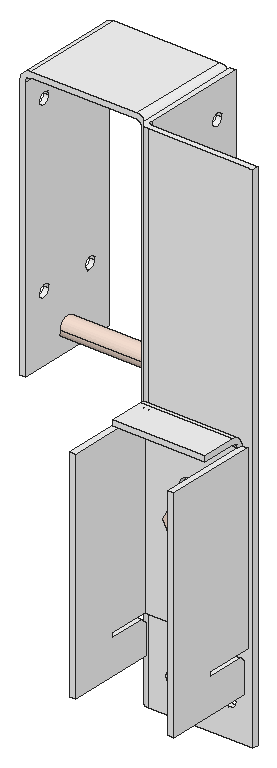
Revit family "kirii-angle-clamp-L100_c100_gyaku", category 機械設備, Revit 2022
Family settings
  丸型コネクタ寸法 = 直径を使用
  種別 = なし
  パーツ タイプ = 標準
  作業面ベース = いいえ
  常に垂直 = はい
  ロード時にボイドで切り取り = いいえ
  注釈の向きを維持 = いいえ
  共有 = いいえ
  部屋計算ポイント = いいえ
Parameters
  製造元 = "株式会社桐井製作所"
  既定の高さ = 0 mm
  URL = "https://www.kirii.co.jp/"
  K_板厚(mm) = 2.3 mm
  K_品名 = "KIRIIアングルクランプL100(C100用)逆"
  K_名称 = "支持構造部接合金具"
  K_バージョン情報 = "240619"
Reference planes
  plane 1 "中心(正面/背面)": y = 0
  plane 2: z = 0
  plane 3 "中心(左/右)": x = 0
Forms (mm)
  Extrusion 1, solid
    sketch origin (2.3, 0, 80) x (1, 0, 0) y (0, 1, 0)
      loop
        line (2.3, -5) -> (47.7, -5) -> (47.7, -2.7) -> (2.3, -2.7)
        arc (2.3, -2.7) -> (0.674, -2.026) -> (0, -0.4) r 2.3
        line (0, -0.4) -> (0, 45) -> (-2.3, 45) -> (-2.3, -0.4)
        arc (-2.3, -0.4) -> (-0.953, -3.653) -> (2.3, -5) r 4.6
    from 145 to -80
  Extrusion 2, solid
    sketch origin (0, 0, 80) x (1, 0, 0) y (0, 0, 1)
      loop
        circle (25, 0) r 5
      loop
        circle (25, 0) r 4.5
    from 2.7 to 0
  Extrusion 3, solid
    sketch origin (0, 0, 80) x (0, 1, 0) y (0, 0, 1)
      loop
        arc (-5, 36) -> (-6.347, 39.253) -> (-9.6, 40.6) r 4.6
        line (-9.6, 40.6) -> (-25, 40.6) -> (-25, 38.3) -> (-9.6, 38.3)
        arc (-9.6, 38.3) -> (-7.974, 37.626) -> (-7.3, 36) r 2.3
        line (-7.3, 36) -> (-7.3, -42) -> (-5, -42) -> (-5, 36)
    from 5 to 45
  Extrusion 4, solid
    sketch origin (0, 0, 80) x (1, 0, 0) y (0, 0, 1)
      loop
        line (2.3, 36) -> (2.3, -59) -> (5, -59) -> (5, 36) -> (2.3, 36)
      loop
        line (45, 36) -> (45, -59) -> (47.7, -59) -> (47.7, 36) -> (45, 36)
    from 5 to 45
  Extrusion 5, void
    sketch origin (0, 0, 80) x (0, 1, 0) y (0, 0, 1)
      loop
        line (-25.5, -42) -> (-25.5, -44) -> (-9, -44) -> (-7, -46) -> (-7, -59) -> (-5, -59) -> (-5, -42) -> (-25.5, -42)
    from 5 to 2.3
  Extrusion 6, void
    sketch origin (0, 0, 80) x (1, 0, 0) y (0, 0, 1)
      loop
        circle (25, 0) r 4.5
    from 5 to 2.7
  Extrusion 7, void
    sketch origin (0, 0, 80) x (1, 0, 0) y (0, 0, 1)
      loop
        arc (30.25, 12.25) -> (28.712, 15.962) -> (25, 17.5) r 5.25
        arc (25, 17.5) -> (21.288, 15.962) -> (19.75, 12.25) r 5.25
        line (19.75, 12.25) -> (19.75, -12.25)
        arc (19.75, -12.25) -> (21.288, -15.962) -> (25, -17.5) r 5.25
        arc (25, -17.5) -> (28.712, -15.962) -> (30.25, -12.25) r 5.25
        line (30.25, -12.25) -> (30.25, 12.25)
    from 7.3 to 5
  Extrusion 8, void
    sketch origin (0, 0, 80) x (1, 0, 0) y (0, 0, 1)
      loop
        circle (25, -32) r 2.25
    from 7.3 to 5
  Extrusion 9, void
    sketch origin (0, 0, 0) x (1, 0, 0) y (0, 0, 1)
      loop
        circle (15, 15.2) r 2.75
      loop
        circle (40, 15.2) r 2.75
    from 5 to 2.7
  Extrusion 10, void
    sketch origin (0, 0, 0) x (0, 1, 0) y (0, 0, 1)
      loop
        circle (35, 210.2) r 2.75
      loop
        circle (10, 210.2) r 2.75
      loop
        circle (35, 185.2) r 2.75
      loop
        circle (10, 185.2) r 2.75
      loop
        circle (35, 160.2) r 2.75
      loop
        circle (10, 160.2) r 2.75
      loop
        circle (35, 135.2) r 2.75
      loop
        circle (10, 135.2) r 2.75
      loop
        circle (35, 110.2) r 2.75
      loop
        circle (10, 110.2) r 2.75
      loop
        circle (35, 85.2) r 2.75
      loop
        circle (10, 85.2) r 2.75
      loop
        circle (35, 60.2) r 2.75
      loop
        circle (10, 60.2) r 2.75
      loop
        arc (27.75, 115.45) -> (22.5, 120.7) -> (17.25, 115.45) r 5.25
        line (17.25, 115.45) -> (17.25, 90.95)
        arc (17.25, 90.95) -> (22.5, 85.7) -> (27.75, 90.95) r 5.25
        line (27.75, 90.95) -> (27.75, 115.45)
      loop
        arc (27.75, 65.45) -> (22.5, 70.7) -> (17.25, 65.45) r 5.25
        line (17.25, 65.45) -> (17.25, 40.95)
        arc (17.25, 40.95) -> (22.5, 35.7) -> (27.75, 40.95) r 5.25
        line (27.75, 40.95) -> (27.75, 65.45)
    from 2.3 to 0
  Extrusion 11, solid
    sketch origin (-2.3, 0, 130.616) x (1, 0, 0) y (0, 0, 1)
      loop
        line (0, -24.3) -> (2.3, -24.3) -> (2.3, 90.4)
        arc (2.3, 90.4) -> (0.953, 93.653) -> (-2.3, 95) r 4.6
        line (-2.3, 95) -> (-48.2, 95)
        arc (-48.2, 95) -> (-51.453, 93.653) -> (-52.8, 90.4) r 4.6
        line (-52.8, 90.4) -> (-52.8, -24.3) -> (-50.5, -24.3) -> (-50.5, 90.4)
        arc (-50.5, 90.4) -> (-49.826, 92.026) -> (-48.2, 92.7) r 2.3
        line (-48.2, 92.7) -> (-2.3, 92.7)
        arc (-2.3, 92.7) -> (-0.674, 92.026) -> (0, 90.4) r 2.3
        line (0, 90.4) -> (0, -24.3)
    from 0 to -45
  Extrusion 12, void
    sketch origin (0, 0, 0) x (0, 1, 0) y (0, 0, 1)
      loop
        circle (35, 210.2) r 2.75
      loop
        circle (10, 210.2) r 2.75
      loop
        circle (35, 135.2) r 2.75
      loop
        circle (10, 135.2) r 2.75
    from 0 to -2.3
  Extrusion 13, void
    sketch origin (-52.8, 0, 0) x (0, 1, 0) y (0, 0, 1)
      loop
        circle (35, 210.2) r 2.75
      loop
        circle (10, 210.2) r 2.75
      loop
        circle (35, 135.2) r 2.75
      loop
        circle (10, 135.2) r 2.75
    from 0 to -2.3
  Extrusion 14, void
    sketch origin (42.7, 0, 80) x (0, 1, 0) y (0, 0, 1)
      loop
        line (-25.5, -42) -> (-25.5, -44) -> (-9, -44) -> (-7, -46) -> (-7, -59) -> (-5, -59) -> (-5, -42) -> (-25.5, -42)
    from 5 to 2.3
Cuts and joins
  Extrusion 6, Extrusion 7, Extrusion 9, Extrusion 10, Extrusion 14 cuts Extrusion 1
  Extrusion 7, Extrusion 10, Extrusion 14 cuts Extrusion 2
  Extrusion 7, Extrusion 8, Extrusion 14 cuts Extrusion 3
  Extrusion 5, Extrusion 14 cuts Extrusion 4
  Extrusion 12, Extrusion 13, Extrusion 14 cuts Extrusion 11
  joined: Extrusion 1, Extrusion 2, Extrusion 3, Extrusion 4, Extrusion 11
Dimensions and locks
  aligned and locked: level to plane 2
Nested families
  nested 1: "M10×25ボルト" at (25, -11.3, 80) x (-1, 0, 0) z (0, 0, 1), type "M10×25ボルト"
  nested 2: "M10×60ボルト" at (-59.1, 22.5, 116.316) x (0, -1, 0) z (0, 0, 1), type "M10×60ボルト"
Definition of nested family "M10×25ボルト"
  Parameters (values of type "M10×25ボルト")
    Manufacturer = "株式会社桐井製作所"
    Default Elevation = 0 mm
    URL = "https://www.kirii.co.jp/"
    K_材料規格 = "M10×L25"
    K_品名 = "M10×25ボルト"
    K_名称 = "M10×25ボルト"
    K_備考 = "KIRIIアングルクランプ付属品"
  Reference planes
    plane 1 "中心(正面/背面)": y = 0
    plane 2: z = 0
    plane 3 "中心(左/右)": x = 0
    plane 4: x = 8
    plane 5: x = -8
    plane 6 "正面": y = -4
    plane 7: z = 8
    plane 8: z = -8
  Forms (mm)
    Extrusion 1, solid
      sketch origin (0, 0, 0) x (1, 0, 0) y (0, 0, 1)
        loop
          line (-4.619, 8) -> (-9.238, 0) -> (-4.619, -8) -> (4.619, -8) -> (9.238, 0) -> (4.619, 8) -> (-4.619, 8)
      from 0 to 4
    Extrusion 2, solid
      sketch origin (0, 0, 25.676) x (1, 0, 0) y (0, 0, 1)
        loop
          circle (0, -25.676) r 4.1
      from 4 to 29
  Cuts and joins
    joined: Extrusion 1, Extrusion 2
  Lines and regions (mm)
    model lines
      curve 1: circle (0, 0, 0) r 8 normal (0, -1, 0)
  Dimensions and locks
    aligned and locked: level to plane 2
Definition of nested family "M10×60ボルト"
  Parameters (values of type "M10×60ボルト")
    Manufacturer = "株式会社桐井製作所"
    Default Elevation = 0 mm
    URL = "https://www.kirii.co.jp/"
    K_材料規格 = "M10×L60"
    K_品名 = "M10×60ボルト"
    K_名称 = "M10×60ボルト"
    K_備考 = "KIRIIアングルクランプ付属品"
  Reference planes
    plane 1 "中心(正面/背面)": y = 0
    plane 2: z = 0
    plane 3 "中心(左/右)": x = 0
    plane 4: x = 8
    plane 5: x = -8
    plane 6 "正面": y = -4
    plane 7: z = 8
    plane 8: z = -8
  Forms (mm)
    Extrusion 1, solid
      sketch origin (0, 0, 0) x (1, 0, 0) y (0, 0, 1)
        loop
          line (-4.619, 8) -> (-9.238, 0) -> (-4.619, -8) -> (4.619, -8) -> (9.238, 0) -> (4.619, 8) -> (-4.619, 8)
      from 0 to 4
    Extrusion 2, solid
      sketch origin (0, 0, 25.676) x (1, 0, 0) y (0, 0, 1)
        loop
          circle (0, -25.676) r 4.1
      from 4 to 64
  Cuts and joins
    joined: Extrusion 1, Extrusion 2
  Lines and regions (mm)
    model lines
      curve 1: circle (0, 0, 0) r 8 normal (0, -1, 0)
  Dimensions and locks
    aligned and locked: level to plane 2
